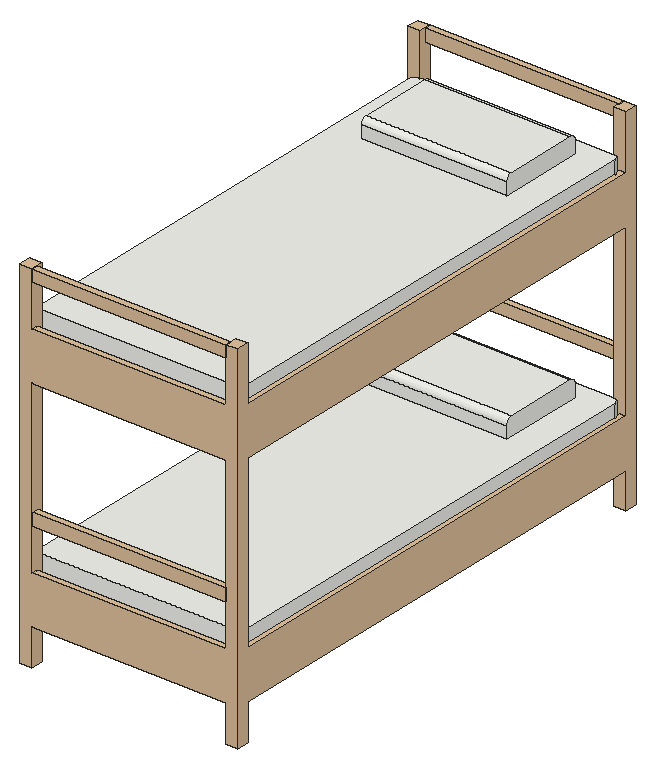
Revit family
Parameters (values of type "2083 x 0915 x 1500mm")
  Keynote = "N"
  Frame Material = Wood - Birch
  Height = 1500.00 mm
  Length = 2083.00 mm
  Mattress Material = Textile - White
  Width = 915.00 mm
  Assembly Code = ""
Reference planes
  plane 1 "Center (Front/Back)": y = -390.993
  plane 2: z = 0
  plane 3 "Center (Left/Right)": x = 408.482
  plane 4: y = 650.507
  plane 5: y = -1432.493
  plane 6: x = 865.982
  plane 7: x = -49.018
  plane 8: z = 355.6
  plane 9: z = 1500
  plane 10: y = 523.407
  plane 11: y = 167.807
Forms (mm)
  Extrusion 1, solid, material "Wood - Birch"
    sketch origin (0, 0, 0) x (1, 0, 0) y (0, 1, 0)
      loop
        line (-49.018, 650.507) -> (-49.018, 599.707) -> (1.782, 599.707) -> (1.782, 650.507) -> (-49.018, 650.507)
      loop
        line (865.982, 650.507) -> (815.182, 650.507) -> (815.182, 599.707) -> (865.982, 599.707) -> (865.982, 650.507)
      loop
        line (-49.018, -1432.493) -> (1.782, -1432.493) -> (1.782, -1381.693) -> (-49.018, -1381.693) -> (-49.018, -1432.493)
      loop
        line (865.982, -1432.493) -> (865.982, -1381.693) -> (815.182, -1381.693) -> (815.182, -1432.493) -> (865.982, -1432.493)
    from 0 to 1500
  Extrusion 2, solid, material "Wood - Birch"
    sketch origin (0, 0, 0) x (1, 0, 0) y (0, 1, 0)
      loop
        line (-49.018, 650.507) -> (-49.018, -1432.493) -> (865.982, -1432.493) -> (865.982, 650.507) -> (-49.018, 650.507)
      loop
        line (-23.618, 625.107) -> (-23.618, -1407.093) -> (840.582, -1407.093) -> (840.582, 625.107) -> (-23.618, 625.107)
    from 152.4 to 355.6
  Extrusion 3, solid, material "Wood - Birch"
    sketch origin (0, 0, 0) x (1, 0, 0) y (0, 1, 0)
      loop
        line (-49.018, 650.507) -> (-49.018, -1432.493) -> (865.982, -1432.493) -> (865.982, 650.507) -> (-49.018, 650.507)
      loop
        line (-23.618, -1407.093) -> (840.582, -1407.093) -> (840.582, 625.107) -> (-23.618, 625.107) -> (-23.618, -1407.093)
    from 1068.2 to 1271.4
  Extrusion 4, solid, material "Textile - White" <- "Mattress Material"
    sketch origin (0, 0, 0) x (1, 0, 0) y (0, 1, 0)
      loop
        arc (1.782, 599.707) -> (-16.179, 592.267) -> (-23.618, 574.307) r 25.4
        line (-23.618, 574.307) -> (-23.618, -1356.293)
        arc (-23.618, -1356.293) -> (-16.179, -1374.254) -> (1.782, -1381.693) r 25.4
        line (1.782, -1381.693) -> (815.182, -1381.693)
        arc (815.182, -1381.693) -> (833.142, -1374.254) -> (840.582, -1356.293) r 25.4
        line (840.582, -1356.293) -> (840.582, 574.307)
        arc (840.582, 574.307) -> (833.142, 592.267) -> (815.182, 599.707) r 25.4
        line (815.182, 599.707) -> (1.782, 599.707)
    from 203.2 to 406.4
  Extrusion 5, solid, material "Textile - White" <- "Mattress Material"
    sketch origin (0, 0, 1271.4) x (1, 0, 0) y (0, 1, 0)
      loop
        arc (1.782, 599.707) -> (-16.179, 592.267) -> (-23.618, 574.307) r 25.4
        line (-23.618, 574.307) -> (-23.618, -1356.293)
        arc (-23.618, -1356.293) -> (-16.179, -1374.254) -> (1.782, -1381.693) r 25.4
        line (1.782, -1381.693) -> (815.182, -1381.693)
        arc (815.182, -1381.693) -> (833.142, -1374.254) -> (840.582, -1356.293) r 25.4
        line (840.582, -1356.293) -> (840.582, 574.307)
        arc (840.582, 574.307) -> (833.142, 592.267) -> (815.182, 599.707) r 25.4
        line (815.182, 599.707) -> (1.782, 599.707)
    from -152.4 to 50.8
  Extrusion 6, solid, material "Wood - Birch"
    sketch origin (0, 0, 1500) x (1, 0, 0) y (0, 1, 0)
      loop
        line (1.782, 650.507) -> (1.782, 625.107) -> (815.182, 625.107) -> (815.182, 650.507) -> (1.782, 650.507)
      loop
        line (1.782, -1432.493) -> (815.182, -1432.493) -> (815.182, -1407.093) -> (1.782, -1407.093) -> (1.782, -1432.493)
    from -50.8 to 0
  Extrusion 7, solid, material "Wood - Birch"
    sketch origin (0, 0, 355.6) x (0, -1, 0) y (1, 0, 0)
      loop
        line (1432.493, 1.782) -> (1432.493, 815.182) -> (1407.093, 815.182) -> (1407.093, 1.782) -> (1432.493, 1.782)
      loop
        line (-650.507, 1.782) -> (-625.107, 1.782) -> (-625.107, 815.182) -> (-650.507, 815.182) -> (-650.507, 1.782)
    from 177.8 to 228.6
  Sweep 8, solid, material "Textile - White" <- "Mattress Material"
    path origin (0, 0, 0) x (1, 0, 0) y (0, 1, 0)
      loop
        line (103.382, 523.507) -> (713.582, 523.507)
    profile origin (408.482, 0, 0) x (0, 1, 0) y (0, 0, 1)
      loop
        line (167.907, 406.4) -> (523.507, 406.4) -> (523.507, 457.2)
        arc (523.507, 457.2) -> (516.067, 475.161) -> (498.107, 482.6) r 25.4
        line (498.107, 482.6) -> (193.307, 482.6)
        arc (193.307, 482.6) -> (175.346, 475.161) -> (167.907, 457.2) r 25.4
        line (167.907, 457.2) -> (167.907, 406.4)
      loop
        line (167.907, 1320.8) -> (523.507, 1320.8) -> (523.507, 1371.6)
        arc (523.507, 1371.6) -> (516.067, 1389.561) -> (498.107, 1397) r 25.4
        line (498.107, 1397) -> (193.307, 1397)
        arc (193.307, 1397) -> (175.346, 1389.561) -> (167.907, 1371.6) r 25.4
        line (167.907, 1371.6) -> (167.907, 1320.8)
Cuts and joins
  joined: Extrusion 1, Extrusion 2, Extrusion 3
Lines and regions (mm)
  Masking region 1
    outline origin (0, 0, 0) x (1, 0, 0) y (0, 1, 0)
      loop
        line (-49.018, 650.507) -> (-49.018, -1432.493) -> (865.982, -1432.493) -> (865.982, 650.507) -> (-49.018, 650.507)
  symbolic lines
    curve 1: line (-49.018, 650.507, 0) -> (865.982, 650.507, 0)
    curve 2: line (-49.018, 650.507, 0) -> (-49.018, -1432.493, 0)
    curve 3: line (-49.018, -1432.493, 0) -> (865.982, -1432.493, 0)
    curve 4: line (865.982, 650.507, 0) -> (865.982, -1432.493, 0)
    curve 5: line (-49.018, 650.507, 0) -> (1.782, 650.507, 0)
    curve 6: line (-49.018, 650.507, 0) -> (-49.018, 599.707, 0)
    curve 7: line (-49.018, 599.707, 0) -> (1.782, 599.707, 0)
    curve 8: line (1.782, 650.507, 0) -> (1.782, 599.707, 0)
    curve 9: line (815.182, 599.707, 0) -> (865.982, 599.707, 0)
    curve 10: line (815.182, 599.707, 0) -> (815.182, 650.507, 0)
    curve 11: line (815.182, 650.507, 0) -> (865.982, 650.507, 0)
    curve 12: line (865.982, 599.707, 0) -> (865.982, 650.507, 0)
    curve 13: line (1.782, -1381.693, 0) -> (-49.018, -1381.693, 0)
    curve 14: line (1.782, -1381.693, 0) -> (1.782, -1432.493, 0)
    curve 15: line (1.782, -1432.493, 0) -> (-49.018, -1432.493, 0)
    curve 16: line (-49.018, -1381.693, 0) -> (-49.018, -1432.493, 0)
    curve 17: line (865.982, -1432.493, 0) -> (815.182, -1432.493, 0)
    curve 18: line (865.982, -1432.493, 0) -> (865.982, -1381.693, 0)
    curve 19: line (865.982, -1381.693, 0) -> (815.182, -1381.693, 0)
    curve 20: line (815.182, -1432.493, 0) -> (815.182, -1381.693, 0)
    curve 21: line (103.382, 523.507, 0) -> (713.582, 523.507, 0)
    curve 22: line (103.382, 523.507, 0) -> (103.382, 167.907, 0)
    curve 23: line (103.382, 167.907, 0) -> (713.582, 167.907, 0)
    curve 24: line (713.582, 523.507, 0) -> (713.582, 167.907, 0)
    curve 25: line (840.582, 167.907, 0) -> (-23.618, -63.494, 0)
    curve 26: line (-23.618, 599.707, 0) -> (840.582, 599.707, 0)
    curve 27: line (-23.618, 599.707, 0) -> (-23.618, -1381.693, 0)
    curve 28: line (-23.618, -1381.693, 0) -> (840.582, -1381.693, 0)
    curve 29: line (840.582, 599.707, 0) -> (840.582, -1381.693, 0)
Dimensions and locks
  equal spacing: plane 7, plane 3 "Center (Left/Right)", plane 6
  equal spacing: plane 5, plane 1 "Center (Front/Back)", plane 4
  "Width": plane 7 to plane 6
  "Length": plane 5 to plane 4
  "Height": plane 2 to plane 9
  locked: Extrusion 5 to plane 9 at 177.8
  locked: Extrusion 3 to plane 9 at 228.6
  locked: Extrusion 3 to Extrusion 3 at 203.2
  locked: Extrusion 5 sketch curve to Extrusion 5 sketch curve at 25.4  (x2)
  locked: Extrusion 3 to curve 22 at 152.4
  locked: curve 24 to Extrusion 3 at 152.4
  locked: curve 23 to curve 21 at 355.6
  aligned and locked: Extrusion 1 to plane 9
  aligned and locked: Sweep 8 sketch curve to curve 22
  aligned and locked: Sweep 8 sketch curve to curve 24
  aligned and locked: Sweep 8 sketch curve to curve 21
  aligned and locked: Masking region 1 sketch curve to curve 2
  aligned and locked: Masking region 1 sketch curve to curve 1
  aligned and locked: curve 3 to Masking region 1 sketch curve
  aligned and locked: Masking region 1 sketch curve to curve 4
Automatic sketch dimensions
  Extrusion 1 sketch curve to plane 5 = 0.00 mm  (x2)
  Extrusion 1 sketch curve to plane 7 = 0.00 mm  (x2)
  Extrusion 1 sketch curve to plane 4 = 0.00 mm  (x2)
  Extrusion 1 sketch curve to plane 6 = 0.00 mm  (x2)
  Extrusion 1 sketch curve to plane 7 = 50.80 mm
  Extrusion 1 sketch curve to Extrusion 1 sketch curve = 50.80 mm  (x7)
  Extrusion 2 sketch curve to plane 4 = 0.00 mm
  Extrusion 2 sketch curve to plane 7 = 0.00 mm
  Extrusion 2 sketch curve to plane 5 = 0.00 mm
  Extrusion 2 sketch curve to plane 6 = 0.00 mm
  Extrusion 2 sketch curve to Extrusion 2 sketch curve = 25.40 mm  (x2)
  Extrusion 2 sketch curve to plane 5 = 25.40 mm
  plane 4 to Extrusion 2 sketch curve = 25.40 mm
  Extrusion 3 sketch curve to plane 4 = 0.00 mm
  Extrusion 3 sketch curve to plane 7 = 0.00 mm
  Extrusion 3 sketch curve to plane 5 = 0.00 mm
  Extrusion 3 sketch curve to plane 6 = 0.00 mm
  Extrusion 3 sketch curve to Extrusion 3 sketch curve = 25.40 mm  (x2)
  Extrusion 3 sketch curve to plane 5 = 25.40 mm
  plane 4 to Extrusion 3 sketch curve = 25.40 mm
  Extrusion 4 sketch curve to plane 7 = 25.40 mm
  Extrusion 4 sketch curve to Extrusion 4 sketch curve = 25.40 mm  (x3)
  plane 6 to Extrusion 4 sketch curve = 50.80 mm  (x2)
  Extrusion 4 sketch curve to plane 5 = 50.80 mm
  plane 4 to Extrusion 4 sketch curve = 76.20 mm
  Extrusion 5 sketch curve to plane 7 = 25.40 mm
  Extrusion 5 sketch curve to Extrusion 5 sketch curve = 25.40 mm  (x2)
  Extrusion 5 sketch curve to plane 5 = 50.80 mm
  plane 6 to Extrusion 5 sketch curve = 50.80 mm
  plane 6 to Extrusion 5 sketch curve = 25.40 mm
  plane 4 to Extrusion 5 sketch curve = 76.20 mm
  Extrusion 6 sketch curve to plane 5 = 0.00 mm
  Extrusion 6 sketch curve to plane 4 = 0.00 mm
  Extrusion 6 sketch curve to plane 7 = 50.80 mm  (x2)
  plane 6 to Extrusion 6 sketch curve = 50.80 mm  (x2)
  plane 4 to Extrusion 6 sketch curve = 25.40 mm
  Extrusion 6 sketch curve to Extrusion 6 sketch curve = 25.40 mm
  Extrusion 7 sketch curve to plane 4 = 0.00 mm
  Extrusion 7 sketch curve to plane 5 = 0.00 mm
  plane 4 to Extrusion 7 sketch curve = 25.40 mm
  Extrusion 7 sketch curve to Extrusion 7 sketch curve = 25.40 mm
  Extrusion 7 sketch curve to plane 7 = 50.80 mm  (x2)
  plane 6 to Extrusion 7 sketch curve = 50.80 mm  (x2)
  curve 15 to plane 5 = 0.00 mm
  curve 15 to plane 7 = 0.00 mm
  curve 5 to plane 4 = 0.00 mm
  curve 1 to plane 6 = 0.00 mm
  curve 26 to plane 7 = 25.40 mm
  curve 5 to plane 7 = 50.80 mm
  curve 27 to curve 13 = 25.40 mm
  plane 6 to curve 17 = 50.80 mm
  curve 9 to curve 9 = 50.80 mm
  plane 6 to curve 25 = 25.40 mm
  curve 29 to plane 5 = 50.80 mm
  curve 13 to curve 27 = 0.00 mm
  plane 4 to curve 25 = 482.60 mm
  curve 25 to curve 23 = 231.401 mm
  plane 4 to curve 24 = 127.00 mm
  plane 4 to curve 12 = 50.80 mm
  curve 8 to curve 5 = 50.80 mm
  curve 29 to curve 9 = 0.00 mm
  curve 18 to curve 28 = 0.00 mm
  Sweep 8 sketch curve to profile plane = 0.00 mm  (x2)
  profile plane to Sweep 8 sketch curve = 25.40 mm  (x2)
  Sweep 8 sketch curve to Sweep 8 sketch curve = 304.80 mm  (x2)
  Sweep 8 sketch curve to Sweep 8 sketch curve = 25.40 mm  (x2)
  level to Sweep 8 sketch curve = 406.40 mm
  Sweep 8 sketch curve to Sweep 8 sketch curve = 50.80 mm  (x2)
  Sweep 8 sketch curve to Sweep 8 sketch curve = 838.20 mm
